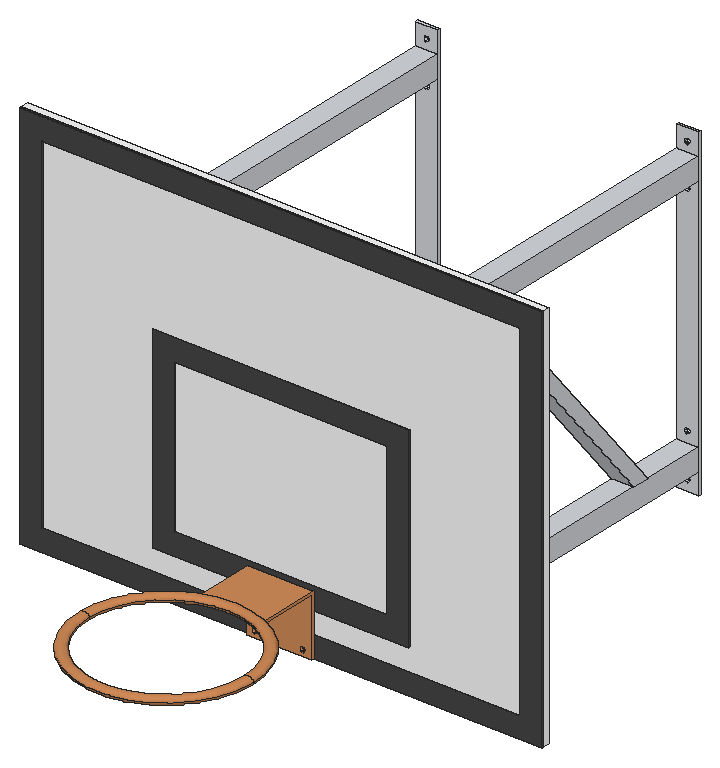
Revit family "väggbasket_fast", category Generic Models, Revit 2017
Family settings
  Can host rebar = No
  Round Connector Dimension = Use Diameter
  Part Type = Normal
  Work Plane-Based = No
  Always vertical = Yes
  Cut with Voids When Loaded = No
  Shared = No
  Room Calculation Point = No
Parameters (values of type "Saxi Väggbasket Senior")
  hojd_tavla = 900 mm
  bredd_tavla = 1200 mm
  URL = "www.saxi.se"
  Model = "Väggbasket Fast 800"
  Manufacturer = "Saxi Vägg AB"
  Height = 3050 mm
Types (3, lengths in mm): name | Model | Height
  (no name) | "Väggbasket Fast 800" | 3050
  Saxi Väggbasket Junior | "Väggbasket Auto 1800x1050" | 2600
  Saxi Väggbasket Senior | "Väggbasket Fast 800" | 3050
Reference planes
  plane 1 "Center (Front/Back)": y = 0
  plane 2: z = 0
  plane 3 "Center (Left/Right)": x = 0
  plane 4 "senior": z = 3050
Dimensions and locks
  "Height": plane 4 "senior" to level
  locked: nested 2 to nested 3 at 125
  locked: nested 2 to nested 4 at 125
  plane 3 "Center (Left/Right)" to nested 4 = 275 mm
  nested 3 to plane 3 "Center (Left/Right)" = 275 mm
  aligned and locked: level to plane 2
  aligned and locked: plane 4 "senior" to nested 2
  aligned and locked: nested 2 to nested 1
Nested families
  nested 1: "korg" at (0, 0, 3049.5) x (-1, 0, 0) z (0, 0, 1), type "korg"
  nested 2: "tavlaautoadjust" at (0, 2, 2900) x (-1, 0, 0) z (0, 0, 1), type "tavlaautoadjust"
    with hojd 900 mm, half_hojd 450 mm, half_bredd 600 mm, bredd 1200 mm, H 900 mm, B 1200 mm
  nested 3: "väggfäste800" at (-300, 21, 2975) x (-1, 0, 0) z (0, 0, 1), type "väggfäste800"
  nested 4: "väggfäste800" at (300, 21, 2975) x (-1, 0, 0) z (0, 0, 1), type "väggfäste800"
Definition of nested family "korg"
  Reference planes
    plane 1 "Center (Front/Back)": y = 0
    plane 2: z = 0
    plane 3 "Center (Left/Right)": x = 0
  Forms (mm)
    Extrusion 1, solid
      sketch origin (0, 0, 0) x (0, 1, 0) y (0, 0, 1)
        loop
          line (0, -9.5) -> (0, -149.5) -> (5, -149.5) -> (5, -14.5) -> (150, -14.5) -> (150, -9.5) -> (0, -9.5)
      from -75 to 75
    Sweep 2, solid
      path origin (0, 0, 0) x (1, 0, 0) y (0, 1, 0)
        loop
          circle (0, 330.5) r 189.5
      profile origin (0, 520, 0) x (0, -1, 0) y (0, 0, 1)
        loop
          spline (12.655, -8.5) -> (12.229, -6.3) -> (10.98, -4.25) -> (8.994, -2.49) -> (6.405, -1.139) -> (3.39, -0.29) -> (0.155, 0) -> (-3.08, -0.29) -> (-6.095, -1.139) -> (-8.684, -2.49) -> (-10.67, -4.25) -> (-11.919, -6.3) -> (-12.345, -8.5)
          spline (-12.345, -8.5) -> (-11.919, -10.7) -> (-10.67, -12.75) -> (-8.684, -14.51) -> (-6.095, -15.861) -> (-3.08, -16.71) -> (0.155, -17) -> (3.39, -16.71) -> (6.405, -15.861) -> (8.994, -14.51) -> (10.98, -12.75) -> (12.229, -10.7) -> (12.655, -8.5)
    Extrusion 3, void
      sketch origin (0, 5, -25) x (0, 0, -1) y (-1, 0, 0)
        loop
          circle (109.5, 55) r 6
        loop
          circle (109.5, -55) r 6
      from -75 to 75
  Cuts and joins
    Extrusion 3 cuts Extrusion 1
    Extrusion 3 cuts Sweep 2
    joined: Extrusion 1, Sweep 2
  Dimensions and locks
    locked: level to Extrusion 1 sketch curve at 9.5
    Extrusion 1 to Sweep 2 sketch curve = 141 mm
    Sweep 2 sketch curve to profile plane = 0 mm
    cut or joined group of Extrusion 1, Sweep 2, Extrusion 3 to Extrusion 3 sketch curve = 20 mm  (x2)
    cut or joined group of Extrusion 1, Sweep 2, Extrusion 3 to Extrusion 3 sketch curve = 15 mm  (x2)
    aligned and locked: level to plane 2
Definition of nested family "tavlaautoadjust"
  Parameters (values of type "tavlaautoadjust")
    hojd = H  # 1050 mm
    half_hojd = hojd / 2  # 525 mm
    half_bredd = bredd / 2  # 900 mm
    bredd = B  # 1800 mm
    H = 1050 mm
    B = 1800 mm
  Reference planes
    plane 1 "Center (Front/Back)": y = 0
    plane 2: z = 0
    plane 3 "Center (Left/Right)": x = 0
    plane 4 "Hoop": z = -163.034
  Forms (mm)
    Extrusion 1, solid
      sketch origin (0, 0, 0) x (1, 0, 0) y (0, 0, 1)
        loop
          line (-900, 0) -> (900, 0) -> (900, 1050) -> (-900, 1050) -> (-900, 0)
      from 0 to 19
    Extrusion 2, solid
      sketch origin (0, 0, 0) x (1, 0, 0) y (0, 0, 1)
        loop
          line (-900, 1050) -> (-900, 0) -> (900, 0) -> (900, 1050) -> (-900, 1050)
        loop
          line (-850, 1000) -> (-850, 50) -> (850, 50) -> (850, 1000) -> (-850, 1000)
      from -2 to 2
    Extrusion 3, solid
      sketch origin (0, 0, 0) x (1, 0, 0) y (0, 0, 1)
        loop
          line (-295, 550) -> (-295, 100) -> (295, 100) -> (295, 550) -> (-295, 550)
        loop
          line (-245, 500) -> (-245, 150) -> (245, 150) -> (245, 500) -> (-245, 500)
      from -2 to 2
  Dimensions and locks
    "bredd": Extrusion 1 sketch curve to Extrusion 1 sketch curve
    "half_bredd": Extrusion 1 sketch curve to plane 3 "Center (Left/Right)"
    "hojd": Extrusion 1 sketch curve to Extrusion 1 sketch curve
    locked: Extrusion 1 to Extrusion 2 sketch curve at 50  (x3)
    locked: Extrusion 2 sketch curve to Extrusion 1 at 50
    locked: Extrusion 3 sketch curve to Extrusion 3 sketch curve at 590
    locked: Extrusion 3 sketch curve to Extrusion 3 sketch curve at 450
    locked: Extrusion 3 sketch curve to level at 100
    locked: Extrusion 3 sketch curve to plane 3 "Center (Left/Right)" at 295
    aligned and locked: level to plane 2
    aligned and locked: Extrusion 1 sketch curve to level
    aligned and locked: Extrusion 2 sketch curve to Extrusion 1  (x4)
  Automatic sketch dimensions
    Extrusion 3 sketch curve to Extrusion 3 sketch curve = 50 mm  (x4)
Definition of nested family "väggfäste800"
  Reference planes
    plane 1 "Center (Front/Back)": y = 0
    plane 2: z = 0
    plane 3 "Center (Left/Right)": x = 0
    plane 4 "stag": through (0, -783.955, -91.995) normal (0, 0.7771, -0.6293)
  Forms (mm)
    Extrusion 1, solid
      sketch origin (0, 0, 0) x (0, 1, 0) y (0, 0, 1)
        loop
          line (0, 0) -> (0, 750) -> (-5, 750) -> (-5, 0) -> (0, 0)
      from -25 to 25
    Extrusion 2, solid
      sketch origin (0, -5, 0) x (0, 0, 1) y (-1, 0, 0)
        loop
          line (700, 25) -> (650, 25) -> (650, -25) -> (700, -25) -> (700, 25)
        loop
          line (100, 25) -> (50, 25) -> (50, -25) -> (100, -25) -> (100, 25)
      from 0 to 770
    Extrusion 3, solid
      sketch origin (0, -775, 0) x (0, 0, 1) y (-1, 0, 0)
        loop
          line (750, -25) -> (750, 25) -> (0, 25) -> (0, -25) -> (750, -25)
      from 0 to 5
    Extrusion 4, void
      sketch origin (0, -775, 0) x (0, 0, -1) y (-1, 0, 0)
        loop
          circle (-25, 0) r 6.5
        loop
          circle (-625, 0) r 6.5
        loop
          circle (-722.607, 0) r 6.5
        loop
          circle (-125, 0) r 6.5
      from -200 to 1075.276
    Extrusion 5, solid
      sketch origin (0, 0, 0) x (0, 1, 0) y (0, 0, 1)
        loop
          line (-628.48, 100) -> (-588.59, 100) -> (-143.209, 650) -> (-183.099, 650) -> (-628.48, 100)
      from -25 to 25
  Cuts and joins
    Extrusion 4 cuts Extrusion 3
  Dimensions and locks
    Extrusion 1 to Extrusion 2 sketch curve = 50 mm
    Extrusion 2 sketch curve to Extrusion 2 sketch curve = 50 mm
    Extrusion 4 sketch curve to Extrusion 3 = 25 mm
    Extrusion 4 sketch curve to Extrusion 2 = 25 mm
    Extrusion 2 to Extrusion 4 sketch curve = 25 mm
    angle plane 4 "stag" to level = 51.00°
    aligned and locked: level to plane 2
